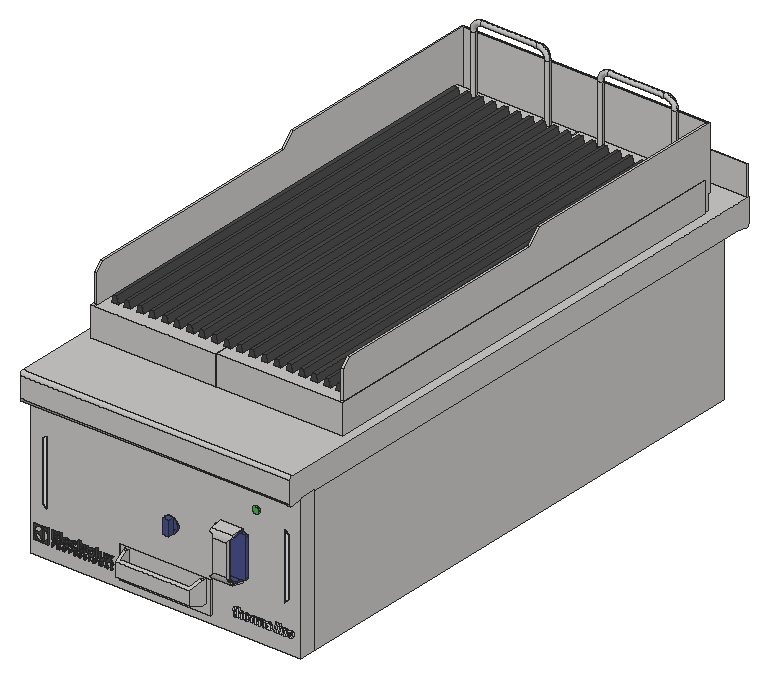
Revit family "QF_ELECTROLUXPROFESSIONAL_593100_MBDABBDOVO", category Specialty Equipment, Revit 2014 (continued)
Definition of nested family "Front_Panel_W400_2 Knobs_2Spie_Manop_Simm"
  Definition of nested family "ELX_Professional_Logo_Small"
    Forms (mm)
      Extrusion 2, solid, material "QF_Finishes_Black" <- "Material_Logo"
        sketch origin (15.5, 0, 0) x (1, 0, 0) y (0, 1, 0)
          loop
            arc (1.428, -9.74) -> (0.887, -9.96) -> (0.314, -9.845) r 1.016
            arc (0.314, -9.845) -> (-0.107, -9.603) -> (-0.371, -9.196) r 1.033
            line (-0.371, -9.196) -> (-1.152, -9.686)
            arc (-1.152, -9.686) -> (-0.842, -10.198) -> (-0.39, -10.589) r 1.914
            arc (-0.39, -10.589) -> (0.184, -10.834) -> (0.804, -10.896) r 2.063
            arc (0.804, -10.896) -> (1.572, -10.743) -> (2.263, -10.376) r 2.696
            arc (2.263, -10.376) -> (2.568, -9.565) -> (2.411, -8.712) r 1.618
            arc (2.411, -8.712) -> (2.07, -8.319) -> (1.635, -8.035) r 1.876
            arc (1.635, -8.035) -> (1.084, -7.789) -> (0.519, -7.577) r 9.883
            arc (0.519, -7.577) -> (0.193, -7.07) -> (0.665, -6.694) r 0.45
            arc (0.665, -6.694) -> (1.189, -6.809) -> (1.61, -7.143) r 1.197
          loop
            line (6.801, -5.837) -> (6.801, -10.814) -> (7.825, -10.814) -> (7.825, -5.837) -> (6.801, -5.837)
          loop
            circle (14.724, -8.325) r 1.548
          loop
            circle (14.724, -8.325) r 2.585
          loop
            line (21.59, -10.814) -> (22.623, -10.814) -> (22.623, -7.685) -> (24.9, -10.814) -> (25.895, -10.814) -> (25.895, -5.837) -> (24.861, -5.837) -> (24.861, -9.061) -> (22.585, -5.837) -> (21.59, -5.837) -> (21.59, -10.814)
          loop
            line (31.054, -10.814) -> (31.539, -9.74) -> (33.38, -9.74) -> (33.865, -10.814) -> (34.965, -10.814) -> (32.46, -5.837) -> (29.956, -10.814) -> (31.054, -10.814)
          loop
            line (32.46, -7.698) -> (31.999, -8.719) -> (32.921, -8.719) -> (32.46, -7.698)
          loop
            line (40.047, -9.873) -> (40.047, -5.837) -> (39.024, -5.837) -> (39.024, -10.814) -> (41.961, -10.814) -> (41.961, -9.873) -> (40.047, -9.873)
          loop
            line (-74.986, -10.814) -> (-53.322, -10.814) -> (-53.322, 10.82) -> (-74.986, 10.82) -> (-74.986, -10.814)
          loop
            line (-61.261, 9.758) -> (-61.261, -9.707)
            arc (-61.261, -9.707) -> (-54.066, 0.025) -> (-61.261, 9.758) r 10.18
          loop
            line (-62.251, 8.349) -> (-62.251, 9.758)
            arc (-62.251, 9.758) -> (-70.347, 7.918) -> (-74.247, 0.59) r 9.976
            line (-74.247, 0.59) -> (-71.026, 0.59)
            arc (-71.026, 0.59) -> (-65.274, 2.925) -> (-62.251, 8.349) r 9.351
          loop
            arc (-74.247, -0.539) -> (-70.353, -7.928) -> (-62.251, -9.957) r 10.237
            line (-62.251, -9.957) -> (-62.251, -8.298)
            arc (-62.251, -8.298) -> (-65.274, -2.874) -> (-71.026, -0.539) r 9.351
            line (-71.026, -0.539) -> (-74.247, -0.539)
        from 0 to 1.644
    Dimensions and locks
      aligned and locked: plane 2 to Extrusion 1
      aligned and locked: level to Extrusion 1
Definition of nested family "Rib_TRAP10x10"
  Parameters (values of type "Rib_TRAP10x10")
    Show Clearance [instance] = yes
    Model = ""
    Lenght [instance] = 632 mm
    Default Elevation = 0 mm
  Reference planes
    plane 1 "Center (Front/Back)": y = -11.07
    plane 2: z = 0
    plane 3 "Center (Left/Right)": x = 0
    plane 4 "Back": y = 304.93
    plane 5 "Front": y = -327.07
  Forms (mm)
    Extrusion 1, solid
      sketch origin (0, -919.2, 0) x (1, 0, 0) y (0, 1, 0)
        loop
          line (-198.75, 1399.2) -> (-198.75, 386.445) -> (165.741, 386.445) -> (165.741, 1399.2) -> (-198.75, 1399.2)
      from 0 to -59.546
    Extrusion 2, solid, material "QF_Finishes_Black"
      sketch origin (0, -11.07, -267.484) x (1, 0, 0) y (0, 0, 1)
        loop
          line (-2.5, 277.484) -> (-5, 267.484) -> (5, 267.484) -> (2.5, 277.484) -> (-2.5, 277.484)
      from -316 to 316
  Lines and regions (mm)
    symbolic lines
      curve 1: line (-5, 304.93, 0) -> (-5, -327.07, 0)
      curve 2: line (-2.5, 304.93, 0) -> (-2.5, -327.07, 0)
      curve 3: line (2.5, -327.07, 0) -> (2.5, 304.93, 0)
      curve 4: line (5, 304.93, 0) -> (5, -327.07, 0)
      curve 5: line (5, 304.93, 0) -> (-5, 304.93, 0)
      curve 6: line (-5, -327.07, 0) -> (5, -327.07, 0)
  Dimensions and locks
    "Lenght": plane 4 "Back" to plane 5 "Front"
    equal spacing: plane 4 "Back", plane 1 "Center (Front/Back)", plane 5 "Front"
    aligned and locked: plane 2 to Extrusion 1
    aligned and locked: level to Extrusion 1
    aligned and locked: plane 4 "Back" to Extrusion 2
    aligned and locked: Extrusion 2 to plane 5 "Front"
  Automatic sketch dimensions
    Extrusion 1 sketch curve to Extrusion 1 sketch curve = 364.491 mm
    Extrusion 1 sketch curve to Extrusion 1 sketch curve = 1012.755 mm
    Extrusion 2 sketch curve to plane 3 "Center (Left/Right)" = 5 mm
    Extrusion 2 sketch curve to plane 3 "Center (Left/Right)" = 2.5 mm
    plane 3 "Center (Left/Right)" to Extrusion 2 sketch curve = 2.5 mm
    plane 3 "Center (Left/Right)" to Extrusion 2 sketch curve = 5 mm
    Extrusion 2 sketch curve to level = 0 mm
    level to Extrusion 2 sketch curve = 10 mm
    curve 1 to plane 4 "Back" = 0 mm
    curve 4 to plane 5 "Front" = 0 mm
    curve 1 to plane 3 "Center (Left/Right)" = 5 mm
    plane 3 "Center (Left/Right)" to curve 5 = 5 mm
    curve 2 to plane 3 "Center (Left/Right)" = 2.5 mm
    plane 3 "Center (Left/Right)" to curve 3 = 2.5 mm
